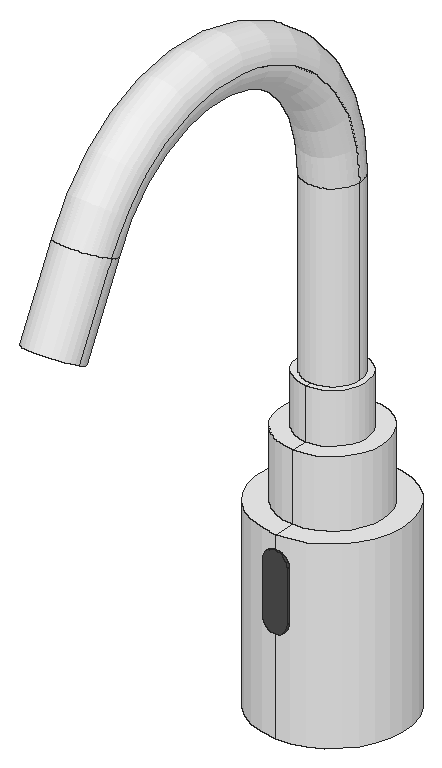
Revit family
Parameters (values of type "SF-2200")
  Waste Connection = no
  WFU = 2
  Vent Connection = no
  URL = "http://www.sloanvalve.com"
  Tempered Water Connection Radius = 3/16"
  Tempered Water Connection = yes
  Revised Date = "16/04/2013"
  Product URL = "http://www.sloanvalve.com/Specifications/SF-2200_and_SF-2250_Faucets.pdf"
  Omniclass Table 23 Title = "Single Faucets"  # constant formula
  Omniclass Table 23 Code = "23.45.55.14"  # constant formula
  Model = "SF-2200"
  Material = "Metal-Sloan-Chrome Plated"
  Masterformat Title = "Commercial Faucets, Fixtures, and Trims"  # constant formula
  Masterformat Number = "22.42.39"  # constant formula
  Manufacturer = "Sloan"
  HWFU = 1.5
  HW Connection = no
  Description = "Sensor Activated, Electronic, Gooseneck Hand Washing Faucet for tempered or hot/cold\r\nwater operation."
  Default Elevation = 0"
  CWFU = 1.5
  CW Connection = no
  Assembly Code = "D2010"
  ADA Compliant = yes
Reference planes (in)
  plane 1 "Center (Front/Back)": y = 0
  plane 2: z = 0
  plane 3 "Center (Left/Right)": x = 0
  plane 4: y = -5.25
  plane 5: z = 7
  plane 6: z = 10
  plane 7: through (0, -5.25, 7) normal (0, -0.891, 0.454)
  plane 8: x = 1.0625
  plane 9: x = -1.0625
  plane 10: x = 3
  plane 11: x = -3
  plane 12: y = -1.0625
  plane 13: y = 1.0625
  plane 14: x = 0
  plane 15: x = -3.09375
  plane 16: x = 3.09375
  plane 17: y = 0
  plane 18: y = -1.25
  plane 19: y = 1.25
Forms (in)
  Revolve 1, solid, material "Metal-Sloan-Chrome Plated"
    sketch origin (0, 0, 0) x (0, 1, 0) y (0, 0, 1)
      loop
        line (0, 0) -> (1.0625, 0) -> (1.0625, 2.75) -> (0.75, 2.75) -> (0.75, 3.75) -> (0.5, 3.75) -> (0.5, 4.5) -> (0, 4.5) -> (0, 0)
      axis (0, 4.5) -> (0, 0)
    angle from 0 to 360
  Sweep 2, solid, material "Metal-Sloan-Chrome Plated"
    path origin (0, 0, -0.01172) x (0, 1, 0) y (0, 0, 1)
      loop
        line (0, 4.42224) -> (0, 7.17224)
        arc (0, 7.17224) -> (-1.91445, 9.5497) -> (-4.64552, 8.18637) r 2.43345
        line (-4.64552, 8.18637) -> (-5.24403, 7.01172)
    profile origin (0, 0, 5.78552) x (0, -1, 0) y (1, 0, 0)
      loop
        circle (0, 0) r 0.40625
  Extrusion 3, solid, material "Metal-Sloan-Chrome Plated"
    sketch origin (0, 0, 0) x (1, 0, 0) y (0, 0, 1)
      loop
        line (-0.1875, 2.35835) -> (-0.1875, 1.60835)
        arc (-0.1875, 1.60835) -> (0, 1.42085) -> (0.1875, 1.60835) r 0.1875
        line (0.1875, 1.60835) -> (0.1875, 2.35835)
        arc (0.1875, 2.35835) -> (0, 2.54585) -> (-0.1875, 2.35835) r 0.1875
    from 0.87761 to 1.08026
Cuts and joins
  joined: Revolve 1, Sweep 2, Extrusion 3
Lines and regions (in)
  Masking region 1
    outline origin (0, 0, 0) x (1, 0, 0) y (0, 1, 0)
      loop
        arc (0.40625, -0.98177) -> (1.04212, 0.2071) -> (0, 1.0625) r 1.0625
        arc (0, 1.0625) -> (-1.04212, 0.2071) -> (-0.40625, -0.98177) r 1.0625
        line (-0.40625, -0.98177) -> (-0.40625, -5.24403)
        spline (-0.40625, -5.24403) -> (-0.39241, -5.33771) -> (-0.35182, -5.42501) -> (-0.28726, -5.49998) -> (-0.20312, -5.55751) -> (-0.10515, -5.59367) -> (0, -5.606) -> (0.10515, -5.59367) -> (0.20313, -5.55751) -> (0.28726, -5.49998) -> (0.35182, -5.42501) -> (0.39241, -5.33771) -> (0.40625, -5.24403)
        line (0.40625, -5.24403) -> (0.40625, -0.98177)
  Masking region 2
    outline origin (0, 0, 0) x (1, 0, 0) y (0, 0, 1)
      loop
        line (0, 0) -> (1.0625, 0) -> (1.0625, 2.75) -> (0.75, 2.75) -> (0.75, 3.75) -> (0.5, 3.75) -> (0.5, 4.5) -> (0.41509, 4.5) -> (0.41509, 9.57909)
        arc (0.41509, 9.57909) -> (0.00442, 9.98976) -> (-0.40625, 9.57909) r 0.41067
        line (-0.40625, 9.57909) -> (-0.40625, 4.5) -> (-0.5, 4.5) -> (-0.5, 3.75) -> (-0.75, 3.75) -> (-0.75, 2.75) -> (-1.0625, 2.75) -> (-1.0625, 0) -> (0, 0)
  Masking region 3
    outline origin (0, 0, 0) x (0, 1, 0) y (0, 0, 1)
      loop
        line (1.0625, 0) -> (1.0625, 2.75) -> (0.75, 2.75) -> (0.75, 3.75) -> (0.5, 3.75) -> (0.5, 4.5) -> (0.40625, 4.5) -> (0.40625, 7.1627)
        arc (0.40625, 7.1627) -> (-1.76929, 9.92236) -> (-4.96057, 8.45116) r 2.83808
        line (-4.96057, 8.45116) -> (-5.606, 7.18443) -> (-4.88206, 6.81557) -> (-4.23047, 8.09438)
        arc (-4.23047, 8.09438) -> (-1.9685, 9.13716) -> (-0.42648, 7.18112) r 2.01162
        line (-0.42648, 7.18112) -> (-0.42648, 4.5) -> (-0.5, 4.5) -> (-0.5, 3.75) -> (-0.75, 3.75) -> (-0.75, 2.75) -> (-1.0625, 2.75) -> (-1.0625, 0) -> (1.0625, 0)
  symbolic lines, detail levels medium+fine
    curve 1: arc (-0.40625, 0, 0) -> (0, 0.40625, 0) -> (0.40625, 0, 0) r 0.40625
    curve 2: line (-0.40625, 0, 0) -> (-0.40625, -0.98177, 0)
    curve 3: line (0.40625, 0, 0) -> (0.40625, -0.98177, 0)
    curve 4: spline (-0.40625, 0, 7) -> (-0.39241, 0, 6.95227) -> (-0.35182, 0, 6.90778) -> (-0.28726, 0, 6.86959) -> (-0.20312, 0, 6.84028) -> (-0.10515, 0, 6.82185) -> (0, 0, 6.81557) -> (0.10515, 0, 6.82185) -> (0.20313, 0, 6.84028) -> (0.28726, 0, 6.86959) -> (0.35182, 0, 6.90778) -> (0.39241, 0, 6.95227) -> (0.40625, 0, 7)
    curve 5: spline (0.40625, 0, 7) -> (0.39241, 0, 7.04773) -> (0.35182, 0, 7.09222) -> (0.28726, 0, 7.13041) -> (0.20313, 0, 7.15972) -> (0.10515, 0, 7.17815) -> (0, 0, 7.18443) -> (-0.10515, 0, 7.17815) -> (-0.20312, 0, 7.15972) -> (-0.28726, 0, 7.13041) -> (-0.35182, 0, 7.09222) -> (-0.39241, 0, 7.04773) -> (-0.40625, 0, 7)
    curve 6: line (0.75, 0, 2.75) -> (-0.75, 0, 2.75)
    curve 11: line (0.5, 0, 3.75) -> (-0.5, 0, 3.75)
    curve 12: line (0.41509, 0, 4.5) -> (-0.40625, 0, 4.5)
    curve 14: line (0, 0.40625, 4.5) -> (0, -0.40625, 4.5)
    curve 15: line (0, 0.75, 2.75) -> (0, -0.75, 2.75)
    curve 16: line (0, 0.5, 3.75) -> (0, -0.5, 3.75)
  symbolic lines, detail levels fine
    curve 7: arc (0.1875, 0, 2.35835) -> (0, 0, 2.54585) -> (-0.1875, 0, 2.35835) r 0.1875
    curve 8: line (-0.1875, 0, 2.35835) -> (-0.1875, 0, 1.60835)
    curve 9: arc (-0.1875, 0, 1.60835) -> (0, 0, 1.42085) -> (0.1875, 0, 1.60835) r 0.1875
    curve 10: line (0.1875, 0, 1.60835) -> (0.1875, 0, 2.35835)
    curve 13: spline (-0.40624, 0, 7.67465) -> (-0.39242, 0, 7.7203) -> (-0.35184, 0, 7.76284) -> (-0.28728, 0, 7.79937) -> (-0.20314, 0, 7.8274) -> (-0.10516, 0, 7.84503) -> (0, 0, 7.85104) -> (0.10516, 0, 7.84503) -> (0.20314, 0, 7.8274) -> (0.28728, 0, 7.79937) -> (0.35184, 0, 7.76284) -> (0.39242, 0, 7.7203) -> (0.40624, 0, 7.67465)
    curve 17: line (0, -4.55626, 7.45497) -> (0, -5.28021, 7.82384)
Dimensions and locks (in)
  level to plane 6 = 10"
  plane 1 "Center (Front/Back)" to plane 4 = 5 1/4"
  plane 13 to plane 12 = 2 1/8"
  angle plane 4 to plane 7 = 27.00°
Connectors (in)
  piping at (0, 0, 0), driven by "Tempered Water Connection Radius"
    settings: on cut or joined group of Revolve 1, Sweep 2, Extrusion 3, index 1
